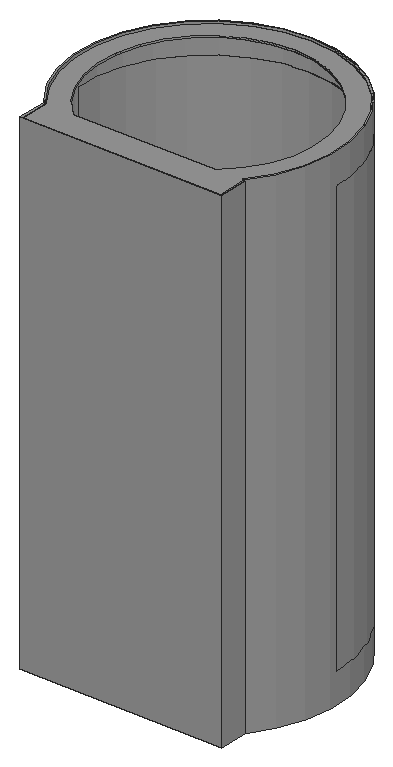
Revit family "3325 Björk_Waste bin", category Furniture Systems, host Wall, Revit 2017
Family settings
  Host = Wall
  Round Connector Dimension = Use Diameter
  Part Type = Normal
  Always vertical = Yes
  Cut with Voids When Loaded = No
  Shared = No
  Room Calculation Point = No
Parameters (values of type "BLACK")
  Karosseri = BLACK
  Front = BLACK
Reference planes
  plane 1 "Wall": y = 0
  plane 2 "Center (Left/Right)": x = 125
  plane 3 "Back": y = 75
Text (mm)
  text "Placement Side" at (-1848.837, 1116.779, 0), in view "Ref. Level"
  text "Placement side" at (0, 1409.804, 2854.306), in view "Left"
  text "Placement side" at (0, 499.811, 2980.732), in view "Right"
Dimensions and locks
  locked: plane 3 "Back" to host wall
  aligned and locked: plane 1 "Wall" to host wall
  aligned and locked: nested 1 to plane 3 "Back"
Nested families
  nested 1: "Master 3320 Waste bin" at (123.673, 75, 360) x (-1, 0, 0) z (0, 0, 1), type "Master 3320 Waste bin"
Definition of nested family "Master 3320 Waste bin"
  Parameters (values of type "Master 3320 Waste bin")
    Karosseri = none
    Front = none
  Reference planes
    plane 1 "Center (Front/Back)": y = 0
    plane 2: z = 0
    plane 3 "Center (Left/Right)": x = 0
  Forms (mm)
    Extrusion 1, solid, material <- "Karosseri"
      sketch origin (0, -111, 0) x (1, 0, 0) y (0, 1, 0)
        loop
          arc (-101.5, 81.227) -> (0, -130) -> (101.5, 81.227) r 130
          line (101.5, 81.227) -> (99.572, 81.227)
          arc (99.572, 81.227) -> (0, -128.5) -> (-99.572, 81.227) r 128.5
          line (-99.572, 81.227) -> (-101.5, 81.227)
      from 0 to 500
    Extrusion 2, solid, material <- "Karosseri"
      sketch origin (0, -111, 0) x (1, 0, 0) y (0, 1, 0)
        loop
          line (-101.5, 111) -> (-101.5, 81.227) -> (-99.572, 81.227) -> (-99.572, 109.5) -> (99.572, 109.5) -> (99.572, 81.227) -> (101.5, 81.227) -> (101.5, 111) -> (-101.5, 111)
      from 0 to 498
    Extrusion 3, solid, material <- "Karosseri"
      sketch origin (-149.841, -111, 498) x (0, -1, 0) y (-1, 0, 0)
        loop
          line (-81.227, -77.907) -> (-81.227, -221.775)
          arc (-81.227, -221.775) -> (108.5, -149.841) -> (-81.227, -77.907) r 108.5
        loop
          arc (-81.227, -249.413) -> (128.5, -149.841) -> (-81.227, -50.27) r 128.5
          line (-81.227, -50.27) -> (-109.5, -50.27) -> (-109.5, -249.413) -> (-81.227, -249.413)
      from 0 to 1.5
    Extrusion 4, solid, material <- "Karosseri"
      sketch origin (0, -111, 0) x (1, 0, 0) y (0, 1, 0)
        loop
          line (99.572, 109.5) -> (-99.572, 109.5) -> (-99.572, 81.227)
          arc (-99.572, 81.227) -> (0, -128.5) -> (99.572, 81.227) r 128.5
          line (99.572, 81.227) -> (99.572, 109.5)
      from 0 to 1.5
    Extrusion 5, void
      sketch origin (168.514, -111, 31) x (0, -1, 0) y (-1, 0, 0)
        loop
          spline (-4.107, 32.134) -> (30.905, 36.156) -> (63.683, 49.102) -> (91.994, 70.091) -> (113.907, 97.691) -> (127.931, 130.023) -> (133.108, 164.883) -> (129.086, 199.895) -> (116.14, 232.673) -> (95.152, 260.983) -> (67.551, 282.897) -> (35.219, 296.92) -> (0.359, 302.097)
          line (0.359, 302.097) -> (-4.107, 32.134)
      from 0 to -438
    Extrusion 6, solid, material <- "Front"
      sketch origin (0, -111, 0) x (1, 0, 0) y (0, 1, 0)
        loop
          arc (128.438, 3.975) -> (2.125, -128.482) -> (-128.5, -0.275) r 128.5
          line (-128.5, -0.275) -> (-129.997, 0.869)
          arc (-129.997, 0.869) -> (2.112, -129.983) -> (129.9, 5.092) r 130
          line (129.9, 5.092) -> (128.438, 3.975)
      from 31 to 469
  Cuts and joins
    Extrusion 5 cuts Extrusion 1
    Extrusion 5 cuts Extrusion 4
  Dimensions and locks
    aligned and locked: level to plane 2
    aligned and locked: Extrusion 6 to cut or joined group of Extrusion 1, Extrusion 5  (x4)
